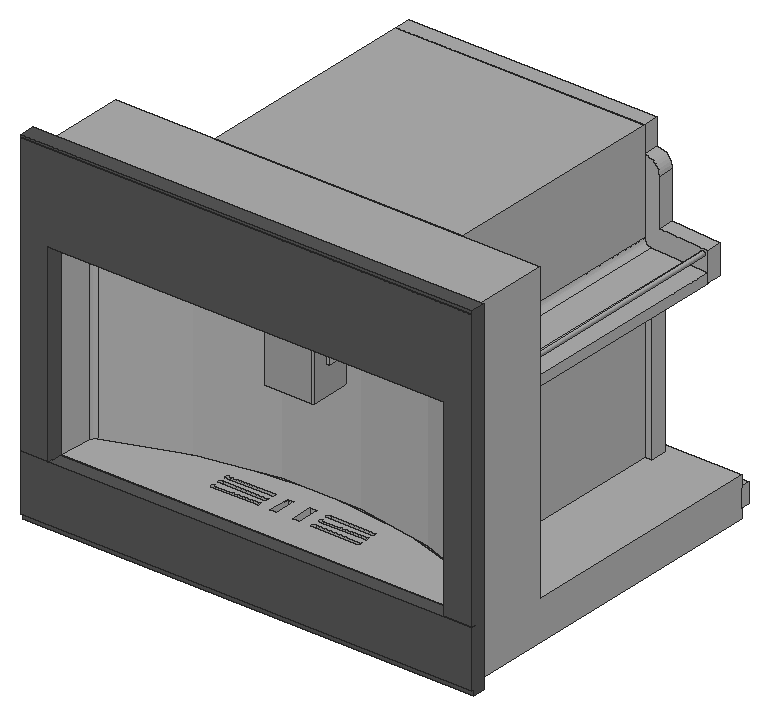
Revit family "FP-Revit20-en-EB24MSB1-CoffeeMaker-0-90003699-US-CA", category Generic Models, Revit 2020
Family settings
  Can host rebar = No
  Round Connector Dimension = Use Diameter
  Part Type = Normal
  Work Plane-Based = No
  Always vertical = Yes
  Cut with Voids When Loaded = No
  Shared = No
  Room Calculation Point = No
Parameters (values of type "EB24MSB1")
  URL = "www.fisherpaykel.com"
  Product - width = 596 mm  # constant formula
  Product - Overall width = 596 mm  # constant formula
  Product - Overall height = 458 mm  # constant formula
  Product - Overall depth = 480 mm  # constant formula
  Model = "EB24MSB1"
  Manufacturer = "Fisher & Paykel Appliances"
  Material - Glass = Fisher & Paykel - Glass, Black
  Description = "Built-in Coffee Maker, 24\""
  Default Elevation = 0 mm
  Connector Note = "220-240 V, 50Hz, 20 A"
  Chassis - width = 560 mm  # constant formula
  Chassis - Height = 445 mm  # constant formula
  Chassis - Depth = 460 mm  # constant formula
  Material - Chassis = Fisher & Paykel - Aluminium
  Cavity - minimum width = 560 mm  # constant formula
  Cavity - minimum height = 450 mm  # constant formula
  Cavity - minimum depth = 545 mm  # constant formula
Reference planes
  plane 1 "Center (Front/Back)": y = 0
  plane 2: z = 0
  plane 3 "Center (Left/Right)": x = 0
  plane 4 "Product - Overall depth ( excludes front metal rim)": y = 460
  plane 5 "Chassis LHS": x = -280
  plane 6 "Chassis RHS": x = 280
  plane 7 "Product - Overall height": z = 458
  plane 8 "Chassis - Depth": y = 460
  plane 9: x = 298
  plane 10: x = -298
  plane 11 "Chassis - Height": z = 445
  plane 12 "Cavity - minimum height": z = 450
  plane 13 "Cavity - minimum depth": y = 545
  plane 14: x = -280
  plane 15: x = 280
  plane 16: y = 415.81
  plane 17: z = 82.85
  plane 18: z = 337.8
  plane 19: z = 223.8
  plane 20: y = 105.99
  plane 21: y = 436.81
  plane 22: y = -20
Forms (mm)
  Extrusion 1, solid, material "Fisher & Paykel - Aluminium" <- "Material - Chassis"
    sketch origin (280, 320, 1200) x (0, -1, 0) y (0, 0, -1)
      loop
        line (203.99, 1148.1) -> (203.99, 755) -> (320, 755) -> (320, 1200) -> (-130.02, 1200) -> (-130.02, 1148.1) -> (203.99, 1148.1)
    from 0 to -560
  Extrusion 2, solid, material "Fisher & Paykel - Aluminium" <- "Material - Chassis"
    sketch origin (280, 320, 1200) x (0, -1, 0) y (0, 0, -1)
      loop
        line (-130.02, 1161.04) -> (-130.02, 1187.1) -> (-140, 1187.1) -> (-140, 1161.04) -> (-130.02, 1161.04)
    from 0 to -560
  Extrusion 3, void
    sketch origin (0, 0, 0) x (1, 0, 0) y (0, 1, 0)
      loop
        line (280, 0) -> (280, 545) -> (-280, 545) -> (-280, 0) -> (280, 0)
    from 0 to 450
  Extrusion 4, solid, material "Fisher & Paykel - Aluminium" <- "Material - Chassis"
    sketch origin (-240, 415.81, 1200) x (1, 0, 0) y (0, 0, 1)
      loop
        line (418, -755) -> (89.977, -755) -> (89.977, -789.634)
        arc (89.977, -789.634) -> (75.851, -795.486) -> (70, -809.611) r 19.977
        line (70, -809.611) -> (70, -870.442) -> (-21.967, -874.057) -> (-21.967, -912.701) -> (70, -916.301) -> (70, -1148.1) -> (120, -1148.1) -> (120, -797.462) -> (385.224, -797.462) -> (385.224, -1148.1) -> (428.072, -1148.1) -> (428.072, -916.301) -> (501.48, -913.095) -> (501.48, -874.451) -> (437.977, -870.586) -> (437.977, -809.2)
        arc (437.977, -809.2) -> (432.126, -795.074) -> (418, -789.223) r 19.977
        line (418, -789.223) -> (418, -755)
    from 0 to -21
  Extrusion 5, solid, material "Fisher & Paykel - Aluminium" <- "Material - Chassis"
    sketch origin (0, 0, 0) x (1, 0, 0) y (0, 1, 0)
      loop
        line (-150, 415.81) -> (-150, 116.01) -> (178, 116.01) -> (178, 415.81) -> (-150, 415.81)
    from 0 to 445
  Extrusion 6, solid, material "Fisher & Paykel - Aluminium" <- "Material - Chassis"
    sketch origin (280, 116.01, 51.9) x (0, 0, 1) y (1, 0, 0)
      loop
        line (248.347, -541.967) -> (251.508, -439.689)
        arc (251.508, -439.689) -> (254.542, -432.82) -> (261.502, -430) r 9.998
        line (261.502, -430) -> (221.348, -430)
        arc (221.348, -430) -> (228.278, -432.791) -> (231.34, -439.606) r 10
        line (231.34, -439.606) -> (235.385, -541.967) -> (248.347, -541.967)
      loop
        line (247.956, -18.52) -> (234.952, -18.52) -> (231.725, -92.436)
        arc (231.725, -92.436) -> (228.924, -99.199) -> (222.162, -102) r 9.563
        line (222.162, -102) -> (260.744, -102)
        arc (260.744, -102) -> (254.283, -99.487) -> (251.217, -93.269) r 9.564
        line (251.217, -93.269) -> (247.956, -18.52)
      loop
        circle (268.37, -535.488) r 2.947
      loop
        circle (267.958, -24.512) r 2.947
    from 0 to 299.8
  Extrusion 7, solid, material "Fisher & Paykel - Glass, Black" <- "Material - Glass"
    sketch origin (-298, -6.5, 1200) x (0, 1, 0) y (0, 0, -1)
      loop
        line (6.5, 741.968) -> (6.5, 1199) -> (-9.5, 1199) -> (-9.5, 1191) -> (-13.5, 1191) -> (-13.5, 1117.15) -> (-6.5, 1117.15) -> (-6.5, 1116.1) -> (-13.5, 1116.1) -> (-13.5, 745.801)
        arc (-13.5, 745.801) -> (-12.688, 745.211) -> (-11.707, 745) r 2.426
        line (-11.707, 745) -> (-13.5, 745) -> (-13.5, 741.968) -> (6.5, 741.968)
    from 0 to -596
  Extrusion 8, void
    sketch origin (-250, -1524, 82.85) x (0, -1, 0) y (-1, 0, 0)
      loop
        line (-1567.308, -508.097) -> (-1524, -510.211) -> (-1507.85, -511) -> (-1504, -511) -> (-1504, 11) -> (-1507.85, 11) -> (-1524, 10.211) -> (-1567.308, 8.097)
        arc (-1567.308, 8.097) -> (-1571.875, 6.578) -> (-1574.994, 2.912) r 8.947
        arc (-1574.994, 2.912) -> (-1630.581, -250) -> (-1574.994, -502.912) r 603.141
        arc (-1574.994, -502.912) -> (-1571.875, -506.578) -> (-1567.308, -508.097) r 8.947
    from 0 to -228.95
  Extrusion 9, solid, material "Default"
    sketch origin (-20, -1524, 223.8) x (0, -1, 0) y (-1, 0, 0)
      loop
        line (-1629.99, -53) -> (-1576.8, -53)
        arc (-1576.8, -53) -> (-1575.386, -52.414) -> (-1574.8, -51) r 2
        line (-1574.8, -51) -> (-1574.8, 10.993)
        arc (-1574.8, 10.993) -> (-1575.388, 12.412) -> (-1576.807, 13) r 2.007
        line (-1576.807, 13) -> (-1629.99, 13) -> (-1629.99, -53)
    from -99.7 to 0
  Extrusion 10, solid, material "Default"
    sketch origin (33, 105.99, 1200) x (-1, 0, 0) y (0, 0, 1)
      loop
        line (-30.15, -896.765) -> (-30.15, -912.089)
        arc (-30.15, -912.089) -> (-22.35, -919.89) -> (-14.549, -912.089) r 7.801
        line (-14.549, -912.089) -> (-14.549, -896.465) -> (-12.9, -896.465) -> (-12.9, -888.2) -> (-40.436, -888.2) -> (-40.436, -896.765) -> (-30.15, -896.765)
    from -44.98 to 0
  Extrusion 11, solid, material "Fisher & Paykel - Aluminium" <- "Material - Chassis"
    sketch origin (33, 61.01, 1200) x (1, 0, 0) y (0, 0, 1)
      loop
        line (24.047, -919.703) -> (24.047, -887.115) -> (20.653, -887.115) -> (20.653, -919.703)
        arc (20.653, -919.703) -> (22.35, -919.89) -> (24.047, -919.703) r 7.801
    from 0 to 13.5
  Extrusion 12, solid
    sketch origin (-150, 415.81, 0) x (1, 0, 0) y (0, 0, -1)
      loop
        line (265.224, -131.056) -> (265.224, -76.056) -> (225.224, -76.056) -> (225.224, -131.056) -> (265.224, -131.056)
    from 0 to 1.19
  Extrusion 13, solid
    sketch origin (-150, 415.81, 0) x (1, 0, 0) y (0, 0, -1)
      loop
        line (257.224, -123.056) -> (257.224, -84.056) -> (233.224, -84.056) -> (233.224, -123.056) -> (257.224, -123.056)
    from 1.19 to 21
  Extrusion 14, solid
    sketch origin (107.224, 415.81, 123.056) x (-1, 0, 0) y (0, -1, 0)
      loop
        circle (11.367, -15) r 5
    from 0 to 19.944
  Extrusion 15, void
    sketch origin (-261, -1524, 337.8) x (0, -1, 0) y (-1, 0, 0)
      loop
        arc (-1581.3, -499.786) -> (-1578.192, -506.869) -> (-1574.994, -513.912) r 603.141
        arc (-1574.994, -513.912) -> (-1571.875, -517.578) -> (-1567.308, -519.097) r 8.947
        line (-1567.308, -519.097) -> (-1524, -521.211) -> (-1504, -522.188) -> (-1504, 0.188) -> (-1524, -0.789) -> (-1567.308, -2.903)
        arc (-1567.308, -2.903) -> (-1571.875, -4.422) -> (-1574.994, -8.088) r 8.947
        arc (-1574.994, -8.088) -> (-1578.192, -15.131) -> (-1581.3, -22.214) r 603.141
        line (-1581.3, -22.214) -> (-1581.3, -499.786)
    from 0 to 255
  Extrusion 16, void
    sketch origin (-250, -1524, 82.85) x (0, -1, 0) y (-1, 0, 0)
      loop
        line (-1597.7, -286.788) -> (-1597.7, -346.162)
        arc (-1597.7, -346.162) -> (-1594.7, -349.162) -> (-1591.7, -346.162) r 3
        line (-1591.7, -346.162) -> (-1591.7, -286.788)
        arc (-1591.7, -286.788) -> (-1594.7, -283.788) -> (-1597.7, -286.788) r 3
      loop
        line (-1585.7, -286.788) -> (-1585.7, -346.162)
        arc (-1585.7, -346.162) -> (-1582.7, -349.162) -> (-1579.7, -346.162) r 3
        line (-1579.7, -346.162) -> (-1579.7, -286.788)
        arc (-1579.7, -286.788) -> (-1582.7, -283.788) -> (-1585.7, -286.788) r 3
      loop
        line (-1573.7, -286.788) -> (-1573.7, -346.162)
        arc (-1573.7, -346.162) -> (-1570.7, -349.162) -> (-1567.7, -346.162) r 3
        line (-1567.7, -346.162) -> (-1567.7, -286.788)
        arc (-1567.7, -286.788) -> (-1570.7, -283.788) -> (-1573.7, -286.788) r 3
      loop
        arc (-1597.7, -213.212) -> (-1594.7, -216.212) -> (-1591.7, -213.212) r 3
        line (-1591.7, -213.212) -> (-1591.7, -153.838)
        arc (-1591.7, -153.838) -> (-1594.7, -150.838) -> (-1597.7, -153.838) r 3
        line (-1597.7, -153.838) -> (-1597.7, -213.212)
      loop
        arc (-1585.7, -213.212) -> (-1582.7, -216.212) -> (-1579.7, -213.212) r 3
        line (-1579.7, -213.212) -> (-1579.7, -153.838)
        arc (-1579.7, -153.838) -> (-1582.7, -150.838) -> (-1585.7, -153.838) r 3
        line (-1585.7, -153.838) -> (-1585.7, -213.212)
      loop
        arc (-1573.7, -213.212) -> (-1570.7, -216.212) -> (-1567.7, -213.212) r 3
        line (-1567.7, -213.212) -> (-1567.7, -153.838)
        arc (-1567.7, -153.838) -> (-1570.7, -150.838) -> (-1573.7, -153.838) r 3
        line (-1573.7, -153.838) -> (-1573.7, -213.212)
      loop
        line (-1597.102, -230.51) -> (-1597.102, -239.51) -> (-1568.102, -239.51) -> (-1568.102, -230.51) -> (-1597.102, -230.51)
      loop
        line (-1597.102, -260.49) -> (-1597.102, -269.49) -> (-1568.102, -269.49) -> (-1568.102, -260.49) -> (-1597.102, -260.49)
    from 0 to 9.95
Cuts and joins
  joined: Extrusion 5, Extrusion 11
  Extrusion 8, Extrusion 15 cuts Extrusion 7
  Extrusion 8, Extrusion 15, Extrusion 16 cuts Extrusion 1
Dimensions and locks
  equal spacing: plane 5 "Chassis LHS", plane 3 "Center (Left/Right)", plane 6 "Chassis RHS", locked at 280 each
  "Chassis - width": plane 5 "Chassis LHS" to plane 6 "Chassis RHS"
  "Product - Overall height": plane 7 "Product - Overall height" to level
  "Product - Overall depth": plane 22 to plane 4 "Product - Overall depth ( excludes front metal rim)"
  "Chassis - Depth": plane 8 "Chassis - Depth" to plane 1 "Center (Front/Back)"
  "Product - Overall width": plane 10 to plane 9
  "Chassis - Height": plane 11 "Chassis - Height" to level
  "Cavity - minimum height": plane 12 "Cavity - minimum height" to level
  "Cavity - minimum depth": plane 13 "Cavity - minimum depth" to plane 1 "Center (Front/Back)"
  "Cavity - minimum width": plane 14 to plane 15
  locked: plane 1 "Center (Front/Back)" to plane 21 at 436.81
  aligned and locked: level to plane 2
  aligned and locked: Extrusion 1 sketch curve to level
  aligned and locked: Extrusion 1 sketch curve to plane 1 "Center (Front/Back)"
  aligned and locked: plane 5 "Chassis LHS" to Extrusion 1
  aligned and locked: Extrusion 1 to Extrusion 2 sketch curve
  aligned and locked: Extrusion 2 sketch curve to plane 8 "Chassis - Depth"
  aligned and locked: plane 5 "Chassis LHS" to Extrusion 2
  aligned and locked: Extrusion 3 sketch curve to plane 1 "Center (Front/Back)"
  aligned and locked: Extrusion 3 sketch curve to plane 13 "Cavity - minimum depth"
  aligned and locked: Extrusion 3 sketch curve to plane 15
  aligned and locked: Extrusion 3 sketch curve to plane 14
  aligned and locked: plane 12 "Cavity - minimum height" to Extrusion 3
  aligned and locked: Extrusion 1 to Extrusion 5 sketch curve
  aligned and locked: Extrusion 4 to Extrusion 5 sketch curve
  aligned and locked: Extrusion 5 to Extrusion 1
  aligned and locked: Extrusion 1 to Extrusion 5
  aligned and locked: Extrusion 5 to Extrusion 6 sketch curve  (x2)
  aligned and locked: Extrusion 6 to Extrusion 1
  aligned and locked: Extrusion 7 sketch curve to plane 1 "Center (Front/Back)"
  aligned and locked: Extrusion 7 to Extrusion 8 sketch curve
  aligned and locked: Extrusion 10 to Extrusion 9
  aligned and locked: Extrusion 11 sketch curve to Extrusion 10
  aligned and locked: Extrusion 15 sketch curve to cut or joined group of Extrusion 7, Extrusion 8, Extrusion 15
  aligned and locked: cut or joined group of Extrusion 7, Extrusion 8, Extrusion 15 to Extrusion 15 sketch curve
  aligned and locked: plane 9 to Extrusion 7
  aligned and locked: plane 10 to Extrusion 7
  aligned and locked: Extrusion 6 to plane 16
  aligned and locked: Extrusion 4 to Extrusion 6
  aligned and locked: Extrusion 4 to Extrusion 13
  aligned and locked: Extrusion 4 to plane 21
  aligned and locked: Extrusion 4 to cut or joined group of Extrusion 5, Extrusion 11
  aligned and locked: Extrusion 2 to plane 4 "Product - Overall depth ( excludes front metal rim)"
Automatic sketch dimensions
  level to Extrusion 4 sketch curve = 51.9 mm
  Extrusion 4 sketch curve to Extrusion 4 sketch curve = 12.149 mm
  Extrusion 4 sketch curve to Extrusion 4 sketch curve = 11.738 mm
  Extrusion 1 to Extrusion 6 sketch curve = 92.436 mm
  Extrusion 1 to Extrusion 6 sketch curve = 120.394 mm
  Extrusion 6 sketch curve to Extrusion 6 sketch curve = 9.563 mm
  Extrusion 6 sketch curve to Extrusion 6 sketch curve = 9.992 mm
  Extrusion 1 to Extrusion 6 sketch curve = 93.269 mm
  Extrusion 1 to Extrusion 6 sketch curve = 120.311 mm
  Extrusion 6 sketch curve to Extrusion 6 sketch curve = 9.528 mm
  Extrusion 6 sketch curve to Extrusion 6 sketch curve = 9.993 mm
  Extrusion 6 sketch curve to Extrusion 6 sketch curve = 20.001 mm
  Extrusion 6 sketch curve to Extrusion 6 sketch curve = 20.023 mm
  Extrusion 6 sketch curve to Extrusion 6 sketch curve = 6.478 mm
  Extrusion 6 sketch curve to Extrusion 6 sketch curve = 0.395 mm
  Extrusion 6 sketch curve to Extrusion 6 sketch curve = 9.998 mm
  Extrusion 6 sketch curve to Extrusion 6 sketch curve = 5.992 mm
  Extrusion 6 sketch curve to Extrusion 6 sketch curve = 0 mm  (x3)
  Extrusion 7 sketch curve to Extrusion 7 sketch curve = 1.801 mm
  Extrusion 7 sketch curve to Extrusion 7 sketch curve = 1.793 mm  (x2)
  Extrusion 7 sketch curve to Extrusion 7 sketch curve = 0.801 mm
  Extrusion 7 sketch curve to plane 7 "Product - Overall height" = 0.032 mm
  Extrusion 9 sketch curve to Extrusion 9 sketch curve = 2.007 mm
  Extrusion 9 sketch curve to Extrusion 9 sketch curve = 2 mm
  Extrusion 10 sketch curve to Extrusion 10 sketch curve = 15.324 mm
  Extrusion 14 sketch curve to Extrusion 13 = 11.367 mm
  Extrusion 13 to Extrusion 14 sketch curve = 6 mm
  plane 11 "Chassis - Height" to Extrusion 1 sketch curve = 0 mm
  Extrusion 1 sketch curve to plane 20 = 10.02 mm
  plane 8 "Chassis - Depth" to Extrusion 1 sketch curve = 9.98 mm
  Extrusion 1 sketch curve to plane 17 = 30.95 mm
  Extrusion 2 sketch curve to level = 12.9 mm
  Extrusion 2 sketch curve to Extrusion 2 sketch curve = 26.06 mm
  Extrusion 4 sketch curve to plane 11 "Chassis - Height" = 0 mm
  Extrusion 4 sketch curve to plane 5 "Chassis LHS" = 18.033 mm
  Extrusion 4 sketch curve to Extrusion 4 sketch curve = 91.967 mm
  Extrusion 4 sketch curve to Extrusion 4 sketch curve = 0 mm
  Extrusion 4 sketch curve to Extrusion 4 sketch curve = 19.977 mm
  Extrusion 4 sketch curve to Extrusion 4 sketch curve = 30.023 mm
  plane 17 to Extrusion 4 sketch curve = 30.95 mm
  Extrusion 4 sketch curve to plane 6 "Chassis RHS" = 134.776 mm
  Extrusion 4 sketch curve to Extrusion 4 sketch curve = 32.776 mm
  Extrusion 4 sketch curve to Extrusion 4 sketch curve = 42.848 mm
  plane 18 to Extrusion 4 sketch curve = 8.386 mm
  Extrusion 4 sketch curve to Extrusion 4 sketch curve = 9.905 mm
  Extrusion 4 sketch curve to plane 6 "Chassis RHS" = 18.52 mm
  plane 18 to Extrusion 4 sketch curve = 54.101 mm
  Extrusion 4 sketch curve to Extrusion 4 sketch curve = 45.715 mm
  plane 18 to Extrusion 4 sketch curve = 50.895 mm
  plane 18 to Extrusion 4 sketch curve = 50.501 mm
  plane 18 to Extrusion 4 sketch curve = 12.251 mm
  plane 18 to Extrusion 4 sketch curve = 11.857 mm
  plane 18 to Extrusion 4 sketch curve = 8.242 mm
  Extrusion 4 sketch curve to plane 18 = 52.589 mm
  Extrusion 5 sketch curve to plane 5 "Chassis LHS" = 130 mm
  Extrusion 5 sketch curve to plane 6 "Chassis RHS" = 102 mm
  Extrusion 6 sketch curve to Extrusion 1 = 171.752 mm
  Extrusion 6 sketch curve to Extrusion 1 = 170.938 mm
  Extrusion 1 to Extrusion 6 sketch curve = 18.52 mm
  Extrusion 6 sketch curve to Extrusion 6 sketch curve = 3.227 mm
  Extrusion 1 to Extrusion 6 sketch curve = 18.033 mm
  Extrusion 6 sketch curve to Extrusion 6 sketch curve = 4.045 mm
  Extrusion 6 sketch curve to Extrusion 6 sketch curve = 13.004 mm
  Extrusion 6 sketch curve to Extrusion 6 sketch curve = 12.962 mm
  Extrusion 6 sketch curve to Extrusion 6 sketch curve = 19.492 mm
  Extrusion 6 sketch curve to Extrusion 6 sketch curve = 20.168 mm
  plane 17 to Extrusion 7 sketch curve = 0 mm
  plane 17 to Extrusion 7 sketch curve = 1.05 mm
  Extrusion 7 sketch curve to plane 1 "Center (Front/Back)" = 13 mm
  Extrusion 7 sketch curve to plane 1 "Center (Front/Back)" = 16 mm
  Extrusion 7 sketch curve to plane 12 "Cavity - minimum height" = 2.574 mm
  Extrusion 7 sketch curve to plane 1 "Center (Front/Back)" = 18.199 mm
  Extrusion 7 sketch curve to Extrusion 7 sketch curve = 0 mm
  Extrusion 7 sketch curve to level = 9 mm
  Extrusion 7 sketch curve to level = 1 mm
  Extrusion 9 sketch curve to plane 20 = 0 mm
  Extrusion 9 sketch curve to plane 1 "Center (Front/Back)" = 52.807 mm
  Extrusion 9 sketch curve to plane 3 "Center (Left/Right)" = 33 mm
  plane 3 "Center (Left/Right)" to Extrusion 9 sketch curve = 31 mm
  plane 3 "Center (Left/Right)" to Extrusion 10 sketch curve = 73.436 mm
  Extrusion 10 sketch curve to Extrusion 10 sketch curve = 10.286 mm
  Extrusion 10 sketch curve to Extrusion 10 sketch curve = 7.801 mm
  Extrusion 10 sketch curve to Extrusion 10 sketch curve = 1.649 mm
  Extrusion 10 sketch curve to Extrusion 10 sketch curve = 8.265 mm
  Extrusion 10 sketch curve to Extrusion 10 sketch curve = 8.565 mm
  Extrusion 10 to Extrusion 11 sketch curve = 1.085 mm
  Extrusion 11 sketch curve to Extrusion 10 = 6.104 mm
  Extrusion 11 sketch curve to Extrusion 11 sketch curve = 3.394 mm
  Extrusion 5 to Extrusion 12 sketch curve = 102.776 mm
  Extrusion 12 sketch curve to Extrusion 12 sketch curve = 40 mm
  Extrusion 5 to Extrusion 12 sketch curve = 131.056 mm
  Extrusion 12 sketch curve to Extrusion 12 sketch curve = 55 mm
  Extrusion 5 to Extrusion 13 sketch curve = 94.776 mm
  Extrusion 13 sketch curve to Extrusion 13 sketch curve = 24 mm
  Extrusion 5 to Extrusion 13 sketch curve = 123.056 mm
  Extrusion 13 sketch curve to Extrusion 13 sketch curve = 39 mm
  plane 1 "Center (Front/Back)" to Extrusion 8 sketch curve = 0 mm  (x2)
  Extrusion 8 sketch curve to plane 3 "Center (Left/Right)" = 0 mm
  Extrusion 8 sketch curve to plane 1 "Center (Front/Back)" = 42.872 mm  (x2)
  Extrusion 8 sketch curve to plane 5 "Chassis LHS" = 21.903 mm
  Extrusion 8 sketch curve to Extrusion 8 sketch curve = 0.436 mm  (x2)
  Extrusion 8 sketch curve to plane 6 "Chassis RHS" = 21.903 mm
  Extrusion 8 sketch curve to Extrusion 8 sketch curve = 3.85 mm  (x2)
  plane 1 "Center (Front/Back)" to Extrusion 8 sketch curve = 496.559 mm
  Extrusion 8 sketch curve to plane 5 "Chassis LHS" = 19.789 mm
  Extrusion 8 sketch curve to plane 5 "Chassis LHS" = 19 mm
  Extrusion 8 sketch curve to Extrusion 8 sketch curve = 8.936 mm  (x2)
  Extrusion 8 sketch curve to plane 6 "Chassis RHS" = 19.789 mm
  Extrusion 8 sketch curve to plane 6 "Chassis RHS" = 19 mm
  Extrusion 8 sketch curve to Extrusion 8 sketch curve = 0 mm
  Extrusion 15 sketch curve to Extrusion 15 sketch curve = 0 mm  (x4)
  plane 1 "Center (Front/Back)" to Extrusion 15 sketch curve = 0 mm  (x2)
  Extrusion 15 sketch curve to plane 5 "Chassis LHS" = 41.214 mm
  Extrusion 15 sketch curve to Extrusion 15 sketch curve = 6.306 mm
  Extrusion 15 sketch curve to Extrusion 15 sketch curve = 13.992 mm
  Extrusion 15 sketch curve to plane 6 "Chassis RHS" = 21.903 mm
  Extrusion 15 sketch curve to Extrusion 15 sketch curve = 0.436 mm  (x2)
  Extrusion 15 sketch curve to plane 5 "Chassis LHS" = 19.789 mm
  Extrusion 15 sketch curve to plane 5 "Chassis LHS" = 21.903 mm
  Extrusion 15 sketch curve to Extrusion 15 sketch curve = 8.936 mm
  Extrusion 15 sketch curve to Extrusion 15 sketch curve = 14.127 mm
  Extrusion 15 sketch curve to plane 5 "Chassis LHS" = 18.812 mm
  Extrusion 16 sketch curve to Extrusion 16 sketch curve = 3 mm  (x6)
  Extrusion 16 sketch curve to Extrusion 16 sketch curve = 6 mm  (x4)
  Extrusion 16 sketch curve to plane 3 "Center (Left/Right)" = 96.162 mm
  Extrusion 16 sketch curve to Extrusion 16 sketch curve = 0 mm  (x8)
  plane 3 "Center (Left/Right)" to Extrusion 16 sketch curve = 36.788 mm
  Extrusion 16 sketch curve to Extrusion 16 sketch curve = 59.375 mm
  Extrusion 16 sketch curve to Extrusion 16 sketch curve = 17.298 mm
  Extrusion 16 sketch curve to Extrusion 16 sketch curve = 0.402 mm  (x2)
  Extrusion 16 sketch curve to plane 20 = 32.29 mm  (x2)
  Extrusion 16 sketch curve to plane 3 "Center (Left/Right)" = 10.49 mm
  Extrusion 16 sketch curve to Extrusion 16 sketch curve = 0.598 mm  (x2)
  Extrusion 16 sketch curve to Extrusion 16 sketch curve = 26.298 mm
  plane 3 "Center (Left/Right)" to Extrusion 16 sketch curve = 10.49 mm
  Extrusion 16 sketch curve to Extrusion 16 sketch curve = 9 mm
  plane 18 to Extrusion 10 sketch curve = 49.889 mm
  Extrusion 15 sketch curve to plane 3 "Center (Left/Right)" = 0 mm
  Extrusion 15 sketch curve to plane 1 "Center (Front/Back)" = 42.872 mm  (x2)
  Extrusion 15 sketch curve to plane 6 "Chassis RHS" = 41.214 mm
  Extrusion 15 sketch curve to Extrusion 15 sketch curve = 14.429 mm
  radius of Extrusion 6 sketch curve = 2.947 mm  (x2)
  radius of Extrusion 14 sketch curve = 5 mm
Connectors
  electrical at (95.857, 430.81, 143), driven by "Connector Note"
    settings: on Extrusion 14, index 1, voltage 0 V, apparent load 0 VA, apparent load phase1 0 VA, apparent load phase2 0 VA, apparent load phase3 0 VA, power factor 1, load classification "Other", number of poles 1, system type 31, power factor state 1, is connector primary yes, connector utility no, sub classification motor no, connector description "220-240 V, 50Hz, 20 A"
